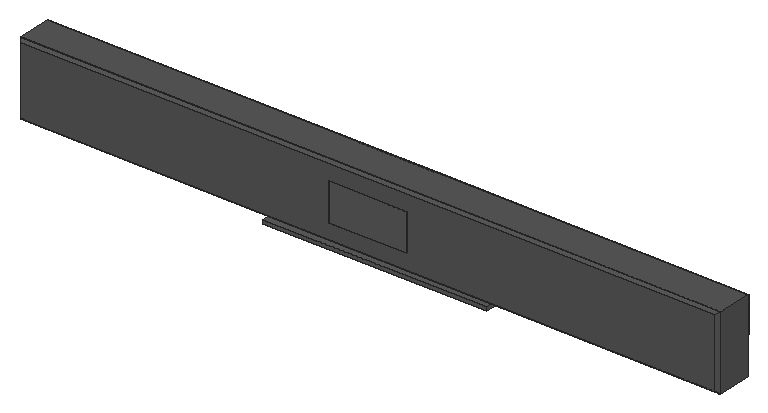
Revit family "Electronics_Conferencing-Bars_Biamp_Parle_Audio_ABC-2500a", category Communication Devices, host Face, Revit 2020
Family settings
  Host = Face
  Maintain Annotation Orientation = No
  Round Connector Dimension = Use Diameter
  Part Type = Normal
  OmniClass Number = 23.85.10.11.14
  OmniClass Title = Audio Equipment
  Cut with Voids When Loaded = No
  Shared = No
  Room Calculation Point = No
Parameters (values of type "Parlé™ ABC 2500a")
  Width = 939.80 mm  # constant formula
  Weight = 9.60 lbf  # constant formula
  Wall Installation [instance] = no
  Voltage = 0 V
  Version = 1
  USB 3.0 = "1x Type C"  # constant formula
  URL = "https://www.biamp.com/"
  Transducers = "2x 2.5 in (60 mm) full range"  # constant formula
  Temperature Range = "32 - 104° F (0 - 40° C)"  # constant formula
  Table Installation [instance] = not(Wall Installation)  # yes
  THD = "< 0.2%"  # constant formula
  Sampling Rate = "48 kHz"  # constant formula
  SNR = "69 dB"  # constant formula
  Rated Maximum SPL = "90 dB (continuous)"  # constant formula
  Product data url = "https://www.bimobject.com/biamp/product/abc-2500a_conferencing-bar"
  Product Page URL = "https://www.biamp.com/products/product-families/parle/conferencing-bars#abc-2500a"
  Product Documentation Link = "https://downloads.biamp.com/assets/docs/default-source/data-sheets/parle_abc_2500a_biamp_data_sheet_may23.pdf"
  Power Factor = 1
  Polar Pattern = "Active Beamformed"  # constant formula
  Pickup Range = "> 23 feet (7 m)"  # constant formula
  Number of Poles = 1
  Nominal Impedance = "4 ohm"  # constant formula
  Nominal Beamwidth = "180° x 180°"  # constant formula
  Noise Reduction = "AI filter"  # constant formula
  Model = "Parlé™ ABC 2500a"  # constant formula
  Microphone Technology = "27-Element Digital Array"  # constant formula
  Microphone Sensitivity = "> -37dBFS ± 1dB"  # constant formula
  Microphone Indicators = "Mute Indicator (Green/Red/Off LEDs)"  # constant formula
  Microphone Data Rate Output = "48 kHz"  # constant formula
  Maximum SPL = "130 dB"  # constant formula
  Max Power Consumption = 60 W
  Manufacturer = "Biamp"  # constant formula
  Loudspeakers Sensitivity = "84 dB\r"  # constant formula
  Loudspeakers Frequency Response = "-10 dB\r"  # constant formula
  Microphone Frequency Response = "-10dB"  # constant formula
  Humidity = "0-90% relative humidity (non-condensing)"  # constant formula
  Housing Material = Biamp - Plastic - Black
  Height = 99.06 mm  # constant formula
  Description = "Parlé™ ABC 2500 Conferencing Audio Bar"  # constant formula
  Depth = 63.50 mm  # constant formula
  Default Elevation = 1219.20 mm
  Date Updated = ""
  Date Created = "2023/08/21"
  Connector Description = "USB-C"  # constant formula
  Compliance = "FCC Part 15B (USA) CE Marked (Europe) UL and C-UL listed (USA and Canada) RoHS Directive (Europe)"  # constant formula
  Audio Processing = "AEC (Acoustic Echo Cancellation)"  # constant formula
  Assembly Code = ""
  Apparent Load = Max Power Consumption / Power Factor  # 60 VA
  Angle [instance] = if(Wall Installation, 90.00°, 0.00°)  # 0.00°
  Altitude = "0-10,000 ft (0-3000m) MSL"  # constant formula
Reference planes
  plane 1 "Center (Front/Back)": y = 0
  plane 2: z = 0
  plane 3 "Center (Left/Right)": x = 0
  plane 4: z = 16.669
Lines and regions (mm)
  reference lines
    curve 1: line (0, 0, 16.669) -> (0, -152.4, 16.669)
Dimensions and locks
  "Angle": angle plane 4 to curve 1
  aligned and locked: plane 2 to host face
  aligned and locked: level to host face
  aligned and locked: plane 1 "Center (Front/Back)" to curve 1
  aligned and locked: plane 4 to curve 1
Automatic sketch dimensions
  host sketch curve to host sketch curve = 2438.40 mm  (x2)
Nested families
  nested 1: "Biamp_Parle_ABC_Table Installation" at (-0.145, -17.264, 0), visible <- "Table Installation", type "Biamp_Parle_ABC_Table Installation"
  nested 2: "Biamp_Parle_ABC_Wall Installation" at (-0.397, 49.521, 0), visible <- "Wall Installation", type "Biamp_Parle_ABC_Wall Installation"
  nested 3: "Audio_Biamp_Parle_ABC" at (0, -31.75, 16.669), type "ABC AC"
Connectors
  electrical at (51.638, -6.441, 78.171), driven by "Number of Poles", driven by "Voltage", driven by "Apparent Load", driven by "Power Factor", driven by "Connector Description"
    settings: on nested 3, index 2, voltage 0 V, apparent load 0 VA, apparent load phase1 60 VA, apparent load phase2 0 VA, apparent load phase3 0 VA, power factor 1, load classification "Other", number of poles 1, system type 31, power factor state 1, is connector primary yes, connector utility no, sub classification motor no, connector description "USB-C"
  electrical at (51.638, -6.441, 47.79), driven by "Power Factor", driven by "Apparent Load", driven by "Number of Poles"
    settings: on nested 3, index 3, voltage 120 V, apparent load 56.88 VA, apparent load phase1 60 VA, apparent load phase2 0 VA, apparent load phase3 0 VA, power factor 1, load classification "Other", number of poles 1, system type 31, power factor state 1, is connector primary no, connector utility no, sub classification motor no, connector description "100-240VAC 50/60Hz"
  electrical at (51.638, -6.441, 63.665)
    settings: on nested 3, index 4, voltage 0 V, apparent load 0 VA, apparent load phase1 0 VA, apparent load phase2 0 VA, apparent load phase3 0 VA, power factor 1, load classification "Other", number of poles 1, system type 5, power factor state 1, is connector primary no, connector utility no, sub classification motor no, connector description "ALS 3.5mm Port"
Definition of nested family "Biamp_Parle_ABC_Table Installation"
  Parameters (values of type "Biamp_Parle_ABC_Table Installation")
    Width = 300.038 mm
    Height = 0.00 mm
    Depth = 67.866 mm
    Default Elevation = 1219.20 mm
    Case Material = none
  Reference planes
    plane 1 "Center (Front/Back)": y = 0
    plane 2: z = 0
    plane 3 "Center (Left/Right)": x = 0
    plane 4: y = 33.933
    plane 5: y = -33.933
    plane 6: x = 150.019
    plane 7: x = -150.019
  Forms (mm)
    Extrusion 1, solid
      sketch origin (0, 0, 0) x (1, 0, 0) y (0, 1, 0)
        loop
          line (-1219.2, 1219.2) -> (-1219.2, -1219.2) -> (1219.2, -1219.2) -> (1219.2, 1219.2) -> (-1219.2, 1219.2)
      from 0 to -304.8
    Extrusion 2, void
      sketch origin (0, 30.758, 78.184) x (0, 0, -1) y (1, 0, 0)
        loop
          circle (12.008, 73.025) r 3.357
        loop
          circle (38.201, 73.025) r 3.357
        loop
          circle (12.008, -73.025) r 3.357
        loop
          circle (38.201, -73.025) r 3.357
      from -3.175 to 0
    Extrusion 3, solid, material <- "Case Material", detail levels coarse
      sketch origin (0, 0, 0) x (0, 1, 0) y (0, 0, 1)
        loop
          line (33.933, 0) -> (33.933, 78.184) -> (30.758, 78.184) -> (30.758, 5.159) -> (-33.933, 5.159) -> (-33.933, 0) -> (33.933, 0)
      from -150.019 to 150.019
    Extrusion 4, solid, material <- "Case Material", detail levels medium+fine
      sketch origin (0, 0, 0) x (0, 1, 0) y (0, 0, 1)
        loop
          line (33.933, 0) -> (33.933, 78.184) -> (30.758, 78.184) -> (30.758, 5.159) -> (-33.933, 5.159) -> (-33.933, 0) -> (33.933, 0)
      from -150.019 to 150.019
    Extrusion 5, void
      sketch origin (0, 0, 0) x (1, 0, 0) y (0, 0, 1)
        loop
          line (60.722, 21.034) -> (60.722, 78.184) -> (-60.722, 78.184) -> (-60.722, 21.034) -> (-25.003, 21.034) -> (-25.003, 0) -> (25.003, 0) -> (25.003, 21.034) -> (60.722, 21.034)
      from -80.031 to -24.011
    Extrusion 6, void
      sketch origin (0, 0, 0) x (1, 0, 0) y (0, 0, 1)
        loop
          line (-110.728, 78.184) -> (-150.019, 78.184) -> (-150.019, -2.78) -> (-110.728, -2.78) -> (-110.728, 78.184)
        loop
          line (150.019, 78.184) -> (110.728, 78.184) -> (110.728, 0) -> (150.019, 0) -> (150.019, 78.184)
      from -33.933 to -14.089
  Cuts and joins
    Extrusion 2, Extrusion 5, Extrusion 6 cuts Extrusion 4
  Lines and regions (mm)
    Masking region 1, detail levels medium+fine
      outline origin (0, 0, 0) x (1, 0, 0) y (0, 1, 0)
        loop
          line (-150.019, -33.933) -> (150.019, -33.933) -> (150.019, 14.089) -> (110.728, 14.089) -> (110.728, 33.933) -> (25.003, 33.933) -> (25.003, 24.011) -> (-25.003, 24.011) -> (-25.003, 33.933) -> (-110.728, 33.933) -> (-110.728, 14.089) -> (-150.019, 14.089) -> (-150.019, -33.933)
    Masking region 2, detail levels coarse
      outline origin (0, 0, 0) x (1, 0, 0) y (0, 1, 0)
        loop
          line (-150.019, -33.933) -> (150.019, -33.933) -> (150.019, 33.933) -> (-150.019, 33.933) -> (-150.019, -33.933)
    symbolic lines, detail levels medium+fine
      curve 1: line (-110.728, 30.758, 0) -> (-25.003, 30.758, 0)
      curve 2: line (25.003, 30.758, 0) -> (110.728, 30.758, 0)
      curve 3: line (60.722, 33.933, 0) -> (60.722, 30.758, 0)
      curve 4: line (-60.722, 33.933, 0) -> (-60.722, 30.758, 0)
    symbolic lines, detail levels coarse
      curve 5: line (-150.019, 30.758, 0) -> (150.019, 30.758, 0)
  Dimensions and locks
    equal spacing: plane 7, plane 3 "Center (Left/Right)", plane 6
    "Depth": plane 4 to plane 5
    "Width": plane 7 to plane 6
    equal spacing: plane 4, plane 1 "Center (Front/Back)", plane 5
    aligned and locked: plane 2 to Extrusion 1
    aligned and locked: level to Extrusion 1
    aligned and locked: plane 7 to Extrusion 3
    aligned and locked: Extrusion 3 to plane 6
  Automatic sketch dimensions
    Extrusion 1 sketch curve to Extrusion 1 sketch curve = 2438.40 mm  (x2)
    Extrusion 3 sketch curve to level = 0.00 mm
    Extrusion 3 sketch curve to plane 5 = 0.00 mm
    Extrusion 3 sketch curve to plane 4 = 0.00 mm
    Extrusion 3 sketch curve to plane 4 = 3.175 mm
    level to Extrusion 3 sketch curve = 5.159 mm
    Extrusion 3 sketch curve to Extrusion 3 sketch curve = 73.025 mm
    Extrusion 4 sketch curve to level = 0.00 mm
    Extrusion 4 sketch curve to plane 5 = 0.00 mm
    Extrusion 4 sketch curve to plane 4 = 0.00 mm
    Extrusion 4 sketch curve to plane 4 = 3.175 mm
    level to Extrusion 4 sketch curve = 5.159 mm
    Extrusion 4 sketch curve to Extrusion 4 sketch curve = 73.025 mm
    Extrusion 5 sketch curve to level = 0.00 mm
    Extrusion 5 sketch curve to plane 3 "Center (Left/Right)" = 60.722 mm
    Extrusion 5 sketch curve to plane 3 "Center (Left/Right)" = 25.003 mm
    plane 3 "Center (Left/Right)" to Extrusion 5 sketch curve = 25.003 mm
    plane 3 "Center (Left/Right)" to Extrusion 5 sketch curve = 60.722 mm
    Extrusion 5 sketch curve to Extrusion 5 sketch curve = 21.034 mm
    level to Extrusion 5 sketch curve = 21.034 mm
    Extrusion 5 sketch curve to Extrusion 5 sketch curve = 57.15 mm
    plane 7 to Extrusion 6 sketch curve = 0.00 mm
    plane 6 to Extrusion 6 sketch curve = 0.00 mm
    Extrusion 6 sketch curve to level = 2.78 mm
    Extrusion 6 sketch curve to plane 7 = 39.291 mm
    level to Extrusion 6 sketch curve = 0.00 mm
    plane 6 to Extrusion 6 sketch curve = 39.291 mm
    Extrusion 6 sketch curve to Extrusion 6 sketch curve = 78.184 mm
    Extrusion 6 sketch curve to Extrusion 6 sketch curve = 80.964 mm
    Extrusion 2 sketch curve to Extrusion 2 sketch curve = 26.194 mm  (x2)
    Extrusion 2 sketch curve to Extrusion 2 sketch curve = 0.00 mm  (x2)
    level to Extrusion 2 sketch curve = 66.177 mm  (x2)
    Extrusion 2 sketch curve to plane 3 "Center (Left/Right)" = 73.025 mm
    plane 3 "Center (Left/Right)" to Extrusion 2 sketch curve = 73.025 mm
    Masking region 1 sketch curve to plane 7 = 0.00 mm
    Masking region 1 sketch curve to plane 5 = 0.00 mm
    Masking region 1 sketch curve to plane 4 = 0.00 mm  (x2)
    Masking region 1 sketch curve to plane 6 = 0.00 mm
    Masking region 1 sketch curve to plane 1 "Center (Front/Back)" = 14.089 mm  (x2)
    Masking region 1 sketch curve to plane 7 = 39.291 mm
    Masking region 1 sketch curve to plane 4 = 9.922 mm
    Masking region 1 sketch curve to plane 3 "Center (Left/Right)" = 25.003 mm
    plane 3 "Center (Left/Right)" to Masking region 1 sketch curve = 25.003 mm
    plane 6 to Masking region 1 sketch curve = 39.291 mm
    Masking region 2 sketch curve to plane 4 = 0.00 mm
    Masking region 2 sketch curve to plane 7 = 0.00 mm
    Masking region 2 sketch curve to plane 6 = 0.00 mm
    Masking region 2 sketch curve to plane 5 = 0.00 mm
    curve 5 to plane 7 = 0.00 mm
    curve 4 to plane 4 = 0.00 mm
    curve 3 to plane 4 = 0.00 mm
    curve 5 to plane 6 = 0.00 mm
    curve 1 to plane 4 = 3.175 mm
    curve 5 to curve 1 = 39.291 mm
    curve 1 to curve 4 = 50.006 mm
    curve 1 to plane 3 "Center (Left/Right)" = 25.003 mm
    curve 2 to plane 4 = 3.175 mm
    plane 3 "Center (Left/Right)" to curve 2 = 25.003 mm
    curve 2 to curve 3 = 35.719 mm
    plane 6 to curve 2 = 39.291 mm
    curve 5 to plane 4 = 3.175 mm
    radius of Extrusion 2 sketch curve = 3.357 mm  (x4)
Definition of nested family "Biamp_Parle_ABC_Wall Installation"
  Parameters (values of type "Biamp_Parle_ABC_Wall Installation")
    Width = 214.884 mm
    Height = 3.175 mm
    Depth = 69.85 mm
    Default Elevation = 1219.20 mm
    Case Material = none
  Reference planes
    plane 1 "Center (Front/Back)": y = 0
    plane 2: z = 0
    plane 3 "Center (Left/Right)": x = 0
    plane 4: y = 34.925
    plane 5: y = -34.925
    plane 6: x = 107.442
    plane 7: x = -107.442
    plane 8: z = 3.175
  Forms (mm)
    Extrusion 1, solid
      sketch origin (0, 0, 0) x (1, 0, 0) y (0, 1, 0)
        loop
          line (-1219.2, 1219.2) -> (-1219.2, -1219.2) -> (1219.2, -1219.2) -> (1219.2, 1219.2) -> (-1219.2, 1219.2)
      from 0 to -304.8
    Extrusion 2, solid, material <- "Case Material", detail levels medium+fine
      sketch origin (0, 0, 0) x (1, 0, 0) y (0, 1, 0)
        loop
          line (-107.442, 34.925) -> (-107.442, -34.925) -> (107.442, -34.925) -> (107.442, 34.925) -> (-107.442, 34.925)
        loop
          line (-24.098, 11.112) -> (-24.098, -11.113) -> (24.098, -11.113) -> (24.098, 11.112) -> (-24.098, 11.112)
        loop
          circle (-49.911, 19.939) r 2.584
        loop
          circle (-49.911, -19.939) r 2.584
        loop
          circle (49.911, 19.939) r 2.584
        loop
          circle (49.911, -19.939) r 2.584
        loop
          circle (97.425, 22.523) r 1.42
        loop
          circle (97.425, -22.523) r 1.42
        loop
          circle (-97.425, 22.523) r 1.42
        loop
          circle (-97.425, -22.523) r 1.42
        loop
          circle (72.983, 0.794) r 1.42
        loop
          circle (86.897, -1.687) r 2.097
        loop
          circle (72.983, -25.4) r 1.42
        loop
          circle (-72.983, 0.794) r 1.42
        loop
          circle (-86.897, -1.687) r 2.097
        loop
          circle (-72.983, -25.4) r 1.42
      from 0 to 3.175
    Extrusion 3, solid, material <- "Case Material", detail levels coarse
      sketch origin (0, 0, 0) x (1, 0, 0) y (0, 1, 0)
        loop
          line (-107.442, 34.925) -> (-107.442, -34.925) -> (107.442, -34.925) -> (107.442, 34.925) -> (-107.442, 34.925)
      from 0 to 3.175
  Lines and regions (mm)
    Masking region 1
      outline origin (0, 0, 0) x (1, 0, 0) y (0, 0, 1)
        loop
          line (-107.442, 3.175) -> (-107.442, 0) -> (107.442, 0) -> (107.442, 3.175) -> (-107.442, 3.175)
  Dimensions and locks
    equal spacing: plane 7, plane 3 "Center (Left/Right)", plane 6
    "Depth": plane 4 to plane 5
    "Width": plane 7 to plane 6
    equal spacing: plane 4, plane 1 "Center (Front/Back)", plane 5
    "Height": level to plane 8
    aligned and locked: plane 2 to Extrusion 1
    aligned and locked: level to Extrusion 1
  Automatic sketch dimensions
    Extrusion 1 sketch curve to Extrusion 1 sketch curve = 2438.40 mm  (x2)
    Extrusion 3 sketch curve to plane 5 = 0.00 mm
    Extrusion 3 sketch curve to plane 7 = 0.00 mm
    Extrusion 3 sketch curve to plane 6 = 0.00 mm
    Extrusion 3 sketch curve to plane 4 = 0.00 mm
    Extrusion 2 sketch curve to Extrusion 2 sketch curve = 0.00 mm  (x13)
    Extrusion 2 sketch curve to plane 5 = 0.00 mm
    Extrusion 2 sketch curve to plane 7 = 0.00 mm
    Extrusion 2 sketch curve to plane 6 = 0.00 mm
    Extrusion 2 sketch curve to plane 4 = 0.00 mm
    Extrusion 2 sketch curve to plane 7 = 10.017 mm  (x2)
    plane 1 "Center (Front/Back)" to Extrusion 2 sketch curve = 1.687 mm  (x2)
    Extrusion 2 sketch curve to plane 7 = 20.545 mm
    Extrusion 2 sketch curve to plane 1 "Center (Front/Back)" = 0.794 mm  (x2)
    Extrusion 2 sketch curve to Extrusion 2 sketch curve = 13.913 mm  (x2)
    plane 5 to Extrusion 2 sketch curve = 9.525 mm  (x2)
    Extrusion 2 sketch curve to Extrusion 2 sketch curve = 24.441 mm
    Extrusion 2 sketch curve to Extrusion 2 sketch curve = 23.072 mm  (x3)
    Extrusion 2 sketch curve to plane 4 = 14.986 mm  (x2)
    plane 1 "Center (Front/Back)" to Extrusion 2 sketch curve = 11.113 mm
    Extrusion 2 sketch curve to plane 3 "Center (Left/Right)" = 24.098 mm
    Extrusion 2 sketch curve to plane 1 "Center (Front/Back)" = 11.113 mm
    plane 3 "Center (Left/Right)" to Extrusion 2 sketch curve = 24.098 mm
    Extrusion 2 sketch curve to Extrusion 2 sketch curve = 25.813 mm  (x2)
    plane 6 to Extrusion 2 sketch curve = 10.017 mm  (x2)
    plane 5 to Extrusion 2 sketch curve = 12.402 mm  (x2)
    plane 5 to Extrusion 2 sketch curve = 14.986 mm  (x2)
    Extrusion 2 sketch curve to plane 4 = 12.402 mm  (x2)
    Extrusion 2 sketch curve to Extrusion 2 sketch curve = 2.097 mm  (x2)
    Extrusion 2 sketch curve to Extrusion 2 sketch curve = 1.42 mm  (x4)
    Masking region 1 sketch curve to level = 0.00 mm
    plane 7 to Masking region 1 sketch curve = 0.00 mm
    plane 6 to Masking region 1 sketch curve = 0.00 mm
    Masking region 1 sketch curve to plane 8 = 0.00 mm
    radius of Extrusion 2 sketch curve = 2.584 mm  (x4)
    radius of Extrusion 2 sketch curve = 1.42 mm  (x4)
Definition of nested family "Audio_Biamp_Parle_ABC"
  Parameters (values of type "ABC AC")
    Width = 939.80 mm
    URL = "https://www.biamp.com/"
    Model = "ABC"
    Manufacturer = "Biamp"
    Height = 99.06 mm
    Description = "Parlé™ ABC 2500"
    Depth = 63.50 mm
    Default Elevation = 1219.20 mm
    Case Material = none
  Reference planes
    plane 1 "Center (Front/Back)": y = 0
    plane 2: z = 0
    plane 3 "Center (Left/Right)": x = 0
    plane 4: y = 31.75
    plane 5: y = -31.75
    plane 6: x = 469.9
    plane 7: x = -469.9
    plane 8: z = 99.06
  Forms (mm)
    Extrusion 1, solid, material <- "Case Material", detail levels medium+fine
      sketch origin (0, 0, 0) x (0, 1, 0) y (0, 0, 1)
        loop
          line (31.75, 86.36) -> (19.447, 99.06) -> (19.447, 98.12) -> (31.172, 86.017) -> (31.172, 13.043) -> (19.447, 0.94) -> (19.447, 0) -> (31.75, 12.7) -> (31.75, 86.36)
      from -51.991 to 51.991
    Extrusion 2, void
      sketch origin (0, 0, 0) x (0, 1, 0) y (0, 0, 1)
        loop
          line (31.75, 86.36) -> (19.447, 99.06) -> (19.447, 0) -> (31.75, 12.7) -> (31.75, 86.36)
      from -51.991 to 51.991
    Extrusion 3, solid, material <- "Case Material", detail levels medium+fine
      sketch origin (0, 0, -15.875) x (0, 1, 0) y (0, 0, 1)
        loop
          line (22.907, 19.447) -> (31.75, 19.447) -> (31.75, 28.575) -> (22.907, 19.447)
      from -438.913 to 438.624
    Extrusion 4, solid, detail levels medium+fine
      sketch origin (0, 0, -15.875) x (0, 1, 0) y (0, 0, 1)
        loop
          line (24.619, 19.447) -> (23.623, 19.447)
          arc (23.623, 19.447) -> (28.183, 14.887) -> (32.743, 19.447) r 4.56
          line (32.743, 19.447) -> (45.244, 24.121) -> (45.244, 75.318) -> (43.259, 75.318) -> (43.259, 25.511) -> (31.368, 21.117)
          arc (31.368, 21.117) -> (29.06, 15.971) -> (24.619, 19.447) r 3.581
      from -105.569 to 105.569
    Extrusion 5, void
      sketch origin (0, 0, -15.875) x (1, 0, 0) y (0, 0, 1)
        loop
          line (65.088, 75.318) -> (-65.087, 75.318) -> (-65.087, 30.471) -> (-83.741, 30.471) -> (-83.741, 14.596) -> (83.741, 14.596) -> (83.741, 30.471) -> (65.088, 30.471) -> (65.088, 75.318)
      from -45.244 to -23.273
    Extrusion 6, void
      sketch origin (0, 45.244, 8.246) x (0, 0, -1) y (1, 0, 0)
        loop
          circle (-42.069, -73.025) r 1.191
        loop
          circle (-28.972, -73.025) r 1.588
        loop
          circle (-15.875, -73.025) r 1.191
        loop
          circle (-15.875, -94.059) r 1.588
        loop
          arc (-34.445, -90.819) -> (-24.995, -86.954) -> (-34.297, -82.746) r 5.558
          arc (-34.297, -82.746) -> (-35.602, -84.027) -> (-37.369, -84.495) r 3.572
          line (-37.369, -84.495) -> (-40.077, -84.495)
          arc (-40.077, -84.495) -> (-42.466, -86.905) -> (-40.097, -89.298) r 2.383
          line (-40.097, -89.298) -> (-37.369, -89.298)
          arc (-37.369, -89.298) -> (-35.721, -89.701) -> (-34.445, -90.819) r 3.572
        loop
          circle (-42.069, 73.025) r 1.191
        loop
          circle (-28.972, 73.025) r 1.588
        loop
          circle (-15.875, 73.025) r 1.191
        loop
          circle (-15.875, 94.059) r 1.588
        loop
          arc (-34.445, 90.819) -> (-35.721, 89.701) -> (-37.369, 89.298) r 3.572
          line (-37.369, 89.298) -> (-40.097, 89.298)
          arc (-40.097, 89.298) -> (-42.466, 86.905) -> (-40.077, 84.495) r 2.383
          line (-40.077, 84.495) -> (-37.369, 84.495)
          arc (-37.369, 84.495) -> (-35.602, 84.027) -> (-34.297, 82.746) r 3.572
          arc (-34.297, 82.746) -> (-24.995, 86.954) -> (-34.445, 90.819) r 5.558
      from 0 to 1.984
    Extrusion 7, solid, material <- "Case Material", detail levels medium+fine
      sketch origin (0, 0, 0) x (1, 0, 0) y (0, 0, 1)
        loop
          line (-469.9, 99.06) -> (-469.9, 0) -> (469.9, 0) -> (469.9, 99.06) -> (-469.9, 99.06)
      from -19.447 to 27.384
    Blend 8, solid, detail levels medium+fine
      base sketch origin (0, 0, 0) x (1, 0, 0) y (0, 0, 1)
        loop
          line (-469.9, 99.06) -> (-469.9, 0) -> (469.9, 0) -> (469.9, 99.06) -> (-469.9, 99.06)
      top sketch origin (0, 0, 0) x (1, 0, 0) y (0, 0, 1)
        loop
          line (-466.328, 95.488) -> (-466.328, 3.572) -> (466.328, 3.572) -> (466.328, 95.488) -> (-466.328, 95.488)
      from 27.384 to 31.75
    Blend 9, solid, material <- "Case Material", detail levels medium+fine
      base sketch origin (0, 0, 0) x (1, 0, 0) y (0, 0, -1)
        loop
          line (-469.9, -99.06) -> (469.9, -99.06) -> (469.9, 0) -> (-469.9, 0) -> (-469.9, -99.06)
      top sketch origin (0, 0, 0) x (1, 0, 0) y (0, 0, -1)
        loop
          line (457.2, -86.36) -> (457.2, -12.7) -> (-457.2, -12.7) -> (-457.2, -86.36) -> (457.2, -86.36)
      from 19.447 to 31.75
    Extrusion 10, solid, detail levels medium+fine
      sketch origin (0, -31.75, 0) x (1, 0, 0) y (0, 0, 1)
        loop
          line (-51.991, 24.448) -> (51.991, 24.448) -> (51.991, 74.454) -> (-51.991, 74.454) -> (-51.991, 24.448)
      from -4.366 to 0
    Extrusion 11, void
      sketch origin (0, -31.75, 0) x (-1, 0, 0) y (0, 0, 1)
        loop
          line (51.991, 74.454) -> (-51.991, 74.454) -> (-51.991, 24.448) -> (51.991, 24.448) -> (51.991, 74.454)
      from 0 to 4.366
    Extrusion 12, solid, material <- "Case Material", detail levels coarse
      sketch origin (0, 0, 0) x (1, 0, 0) y (0, 0, 1)
        loop
          line (-469.9, 99.06) -> (-469.9, 0) -> (469.9, 0) -> (469.9, 99.06) -> (-469.9, 99.06)
      from -31.75 to 31.75
    Extrusion 13, solid, detail levels coarse
      sketch origin (-105.569, 0, -15.875) x (0, -1, 0) y (0, 0, 1)
        loop
          line (-43.259, 75.318) -> (-45.244, 75.318) -> (-45.244, 15.875) -> (-31.75, 15.875) -> (-31.75, 17.859) -> (-43.259, 17.859) -> (-43.259, 75.318)
      from -211.138 to 0
    Extrusion 14, solid
      sketch origin (0, 0, 0) x (0, 1, 0) y (0, 0, 1)
        loop
          line (22.134, 64.677) -> (22.134, 58.327) -> (28.484, 58.327) -> (28.484, 64.677) -> (22.134, 64.677)
        loop
          line (23.732, 34.297) -> (23.732, 27.947) -> (26.886, 27.947) -> (26.886, 34.297) -> (23.732, 34.297)
        loop
          circle (25.309, 46.997) r 2.279
      from 51.638 to 52.771
  Cuts and joins
    Extrusion 11 cuts Blend 8
    Extrusion 5, Extrusion 6 cuts Extrusion 4
    Extrusion 2 cuts Blend 9
  Lines and regions (mm)
    Masking region 1, detail levels medium+fine
      outline origin (0, 0, 0) x (1, 0, 0) y (0, 1, 0)
        loop
          line (-469.9, -27.384) -> (-466.328, -31.75) -> (466.328, -31.75) -> (469.9, -27.384) -> (469.9, 19.447) -> (457.168, 31.781) -> (105.569, 31.781) -> (105.569, 45.244) -> (65.088, 45.244) -> (65.088, 43.259) -> (83.741, 43.259) -> (83.741, 31.781) -> (-83.741, 31.781) -> (-83.741, 43.259) -> (-65.087, 43.259) -> (-65.087, 45.244) -> (-105.569, 45.244) -> (-105.569, 31.75) -> (-457.2, 31.75) -> (-469.9, 19.447) -> (-469.9, -27.384)
    Masking region 2, detail levels coarse
      outline origin (0, 0, 0) x (1, 0, 0) y (0, 1, 0)
        loop
          line (-469.9, -31.75) -> (469.9, -31.75) -> (469.9, 31.75) -> (105.569, 31.75) -> (105.569, 45.244) -> (-105.569, 45.244) -> (-105.569, 31.75) -> (-469.9, 31.75) -> (-469.9, -31.75)
    symbolic lines, detail levels medium+fine
      curve 1: line (-469.9, 19.447, 0) -> (469.9, 19.447, 0)
      curve 2: line (457.2, 31.75, 0) -> (-457.2, 31.75, 0)
      curve 3: line (-105.569, 43.259, 0) -> (-65.087, 43.259, 0)
      curve 4: line (-51.991, 31.75, 0) -> (-51.991, 19.447, 0)
      curve 5: line (51.991, 31.75, 0) -> (51.991, 19.447, 0)
      curve 6: line (65.088, 43.259, 0) -> (105.569, 43.259, 0)
      curve 7: line (-469.9, -27.384, 0) -> (469.9, -27.384, 0)
    symbolic lines, detail levels coarse
      curve 8: line (-105.569, 43.259, 0) -> (105.569, 43.259, 0)
      curve 9: line (-469.9, 31.75, 0) -> (469.9, 31.75, 0)
  Dimensions and locks
    equal spacing: plane 4, plane 1 "Center (Front/Back)", plane 5
    equal spacing: plane 7, plane 3 "Center (Left/Right)", plane 6
    "Width": plane 7 to plane 6
    "Depth": plane 4 to plane 5
    "Height": plane 8 to level
    aligned and locked: plane 2 to level
    aligned and locked: plane 4 to Extrusion 12
    aligned and locked: plane 4 to cut or joined group of Extrusion 2, Blend 9
  Automatic sketch dimensions
    Extrusion 1 sketch curve to plane 4 = 0.00 mm
    Extrusion 1 sketch curve to plane 4 = 0.578 mm
    Extrusion 1 sketch curve to plane 4 = 12.303 mm  (x2)
    level to Extrusion 1 sketch curve = 0.00 mm
    Extrusion 1 sketch curve to Extrusion 1 sketch curve = 0.94 mm  (x2)
    Extrusion 1 sketch curve to Extrusion 1 sketch curve = 11.76 mm
    Extrusion 1 sketch curve to Extrusion 1 sketch curve = 0.343 mm  (x2)
    Extrusion 1 sketch curve to plane 8 = 13.043 mm
    Extrusion 1 sketch curve to plane 8 = 0.94 mm
    Extrusion 2 sketch curve to plane 4 = 0.00 mm
    Extrusion 2 sketch curve to plane 4 = 12.303 mm
    level to Extrusion 2 sketch curve = 0.00 mm
    Extrusion 2 sketch curve to Extrusion 2 sketch curve = 12.70 mm
    Extrusion 2 sketch curve to plane 8 = 12.70 mm
    plane 8 to Extrusion 2 sketch curve = 0.00 mm
    Extrusion 3 sketch curve to plane 4 = 0.00 mm
    Extrusion 3 sketch curve to plane 4 = 8.843 mm
    level to Extrusion 3 sketch curve = 3.572 mm
    Extrusion 3 sketch curve to Extrusion 3 sketch curve = 9.128 mm
    Extrusion 4 sketch curve to plane 4 = 8.127 mm
    Extrusion 4 sketch curve to Extrusion 4 sketch curve = 0.996 mm
    Extrusion 4 sketch curve to Extrusion 4 sketch curve = 3.564 mm
    Extrusion 4 sketch curve to Extrusion 4 sketch curve = 0.017 mm
    Extrusion 4 sketch curve to plane 4 = 0.382 mm
    plane 4 to Extrusion 4 sketch curve = 11.509 mm
    Extrusion 4 sketch curve to Extrusion 4 sketch curve = 1.984 mm
    level to Extrusion 4 sketch curve = 3.572 mm
    Extrusion 4 sketch curve to Extrusion 4 sketch curve = 4.674 mm
    Extrusion 4 sketch curve to Extrusion 4 sketch curve = 1.389 mm
    Extrusion 4 sketch curve to plane 8 = 39.617 mm
    level to Extrusion 5 sketch curve = 14.596 mm  (x2)
    Extrusion 5 sketch curve to plane 3 "Center (Left/Right)" = 83.741 mm
    Extrusion 5 sketch curve to Extrusion 5 sketch curve = 18.653 mm  (x2)
    plane 3 "Center (Left/Right)" to Extrusion 5 sketch curve = 65.088 mm
    Extrusion 5 sketch curve to level = 1.279 mm
    Extrusion 5 sketch curve to plane 8 = 39.617 mm
    Extrusion 4 to Extrusion 6 sketch curve = 9.128 mm  (x2)
    Extrusion 4 to Extrusion 6 sketch curve = 11.099 mm  (x2)
    Extrusion 6 sketch curve to Extrusion 6 sketch curve = 0.015 mm  (x2)
    Extrusion 6 sketch curve to Extrusion 6 sketch curve = 2.728 mm  (x2)
    Extrusion 6 sketch curve to Extrusion 6 sketch curve = 2.714 mm  (x2)
    Extrusion 6 sketch curve to Extrusion 6 sketch curve = 6.817 mm  (x2)
    Extrusion 6 sketch curve to Extrusion 6 sketch curve = 8.397 mm  (x2)
    Extrusion 6 sketch curve to Extrusion 6 sketch curve = 13.097 mm  (x2)
    Extrusion 6 sketch curve to Extrusion 4 = 15.875 mm  (x2)
    Extrusion 6 sketch curve to Extrusion 4 = 11.509 mm  (x2)
    Extrusion 6 sketch curve to Extrusion 4 = 12.699 mm
    Extrusion 6 sketch curve to Extrusion 6 sketch curve = 3.572 mm  (x4)
    Extrusion 6 sketch curve to Extrusion 6 sketch curve = 2.383 mm  (x2)
    Extrusion 6 sketch curve to Extrusion 6 sketch curve = 2.446 mm
    Extrusion 6 sketch curve to Extrusion 6 sketch curve = 2.421 mm  (x2)
    Extrusion 6 sketch curve to Extrusion 6 sketch curve = 7.898 mm  (x3)
    Extrusion 6 sketch curve to Extrusion 6 sketch curve = 0.00 mm  (x5)
    Extrusion 6 sketch curve to Extrusion 4 = 32.544 mm
    Extrusion 6 sketch curve to Extrusion 6 sketch curve = 2.357 mm
    Extrusion 6 sketch curve to Extrusion 6 sketch curve = 0.006 mm  (x2)
    Extrusion 6 sketch curve to Extrusion 6 sketch curve = 2.924 mm  (x2)
    plane 7 to Extrusion 7 sketch curve = 0.00 mm
    plane 6 to Extrusion 7 sketch curve = 0.00 mm
    level to Extrusion 7 sketch curve = 0.00 mm
    plane 8 to Extrusion 7 sketch curve = 0.00 mm
    plane 7 to Blend 8 sketch curve = 0.00 mm
    plane 6 to Blend 8 sketch curve = 0.00 mm
    level to Blend 8 sketch curve = 0.00 mm
    plane 8 to Blend 8 sketch curve = 0.00 mm
    Blend 8 sketch curve to plane 7 = 3.572 mm
    plane 6 to Blend 8 sketch curve = 3.572 mm
    level to Blend 8 sketch curve = 3.572 mm
    Blend 8 sketch curve to plane 8 = 3.572 mm
    plane 7 to Blend 9 sketch curve = 0.00 mm
    plane 6 to Blend 9 sketch curve = 0.00 mm
    plane 8 to Blend 9 sketch curve = 0.00 mm
    level to Blend 9 sketch curve = 0.00 mm
    Blend 9 sketch curve to plane 8 = 12.70 mm
    Blend 9 sketch curve to plane 7 = 12.70 mm
    plane 6 to Blend 9 sketch curve = 12.70 mm
    level to Blend 9 sketch curve = 12.70 mm
    Extrusion 10 sketch curve to plane 3 "Center (Left/Right)" = 51.991 mm
    Extrusion 10 sketch curve to plane 8 = 24.606 mm
    level to Extrusion 10 sketch curve = 24.448 mm
    Extrusion 11 sketch curve to plane 8 = 24.606 mm
    plane 3 "Center (Left/Right)" to Extrusion 11 sketch curve = 51.991 mm
    Extrusion 11 sketch curve to plane 3 "Center (Left/Right)" = 51.991 mm
    level to Extrusion 11 sketch curve = 24.448 mm
    plane 7 to Extrusion 12 sketch curve = 0.00 mm
    plane 6 to Extrusion 12 sketch curve = 0.00 mm
    level to Extrusion 12 sketch curve = 0.00 mm
    plane 8 to Extrusion 12 sketch curve = 0.00 mm
    plane 3 "Center (Left/Right)" to Extrusion 10 sketch curve = 51.991 mm
    Extrusion 13 sketch curve to Extrusion 4 = 0.00 mm  (x3)
    Extrusion 13 sketch curve to Extrusion 4 = 1.587 mm
    Extrusion 4 to Extrusion 13 sketch curve = 11.509 mm
    Extrusion 13 sketch curve to Extrusion 13 sketch curve = 1.984 mm
    Masking region 1 sketch curve to plane 7 = 0.00 mm
    Masking region 1 sketch curve to plane 5 = 0.00 mm
    Masking region 1 sketch curve to plane 4 = 0.00 mm
    Masking region 1 sketch curve to plane 6 = 0.00 mm
    Masking region 1 sketch curve to plane 7 = 12.70 mm
    plane 4 to Masking region 1 sketch curve = 13.494 mm  (x2)
    Masking region 1 sketch curve to plane 3 "Center (Left/Right)" = 105.569 mm
    Masking region 1 sketch curve to Masking region 1 sketch curve = 21.828 mm  (x2)
    Masking region 1 sketch curve to Masking region 1 sketch curve = 18.653 mm  (x2)
    plane 3 "Center (Left/Right)" to Masking region 1 sketch curve = 65.088 mm
    plane 4 to Masking region 1 sketch curve = 0.031 mm  (x2)
    plane 6 to Masking region 1 sketch curve = 12.732 mm
    plane 6 to Masking region 1 sketch curve = 3.572 mm
    plane 5 to Masking region 1 sketch curve = 4.366 mm  (x2)
    Masking region 1 sketch curve to plane 4 = 12.303 mm  (x2)
    Masking region 1 sketch curve to Masking region 1 sketch curve = 1.984 mm  (x2)
    Masking region 1 sketch curve to plane 7 = 3.572 mm
    Masking region 2 sketch curve to plane 5 = 0.00 mm
    Masking region 2 sketch curve to plane 7 = 0.00 mm
    Masking region 2 sketch curve to plane 4 = 0.00 mm  (x2)
    Masking region 2 sketch curve to plane 6 = 0.00 mm
    plane 4 to Masking region 2 sketch curve = 13.494 mm
    Masking region 2 sketch curve to plane 3 "Center (Left/Right)" = 105.569 mm
    plane 3 "Center (Left/Right)" to Masking region 2 sketch curve = 105.569 mm
    curve 1 to plane 7 = 0.00 mm
    curve 9 to plane 4 = 0.00 mm
    curve 9 to plane 7 = 0.00 mm
    curve 7 to plane 7 = 0.00 mm
    curve 2 to plane 4 = 0.00 mm
    curve 1 to plane 6 = 0.00 mm
    curve 9 to plane 6 = 0.00 mm
    curve 7 to plane 6 = 0.00 mm
    plane 4 to curve 8 = 11.509 mm
    curve 8 to plane 3 "Center (Left/Right)" = 105.569 mm
    plane 3 "Center (Left/Right)" to curve 8 = 105.569 mm
    curve 2 to plane 7 = 12.70 mm
    curve 3 to curve 3 = 40.481 mm
    curve 4 to plane 4 = 12.303 mm
    curve 3 to curve 4 = 13.097 mm
    plane 3 "Center (Left/Right)" to curve 5 = 51.991 mm
    curve 5 to curve 6 = 13.097 mm
    curve 2 to curve 9 = 12.70 mm
    plane 5 to curve 7 = 4.366 mm
    Extrusion 14 sketch curve to plane 4 = 9.616 mm
    Extrusion 14 sketch curve to plane 4 = 8.018 mm
    Extrusion 14 sketch curve to plane 4 = 6.441 mm
    Extrusion 14 sketch curve to Extrusion 14 sketch curve = 3.154 mm
    Extrusion 14 sketch curve to plane 4 = 3.266 mm
    level to Extrusion 14 sketch curve = 27.947 mm
    Extrusion 14 sketch curve to Extrusion 14 sketch curve = 6.35 mm  (x2)
    Extrusion 14 sketch curve to Extrusion 14 sketch curve = 12.70 mm
    Extrusion 14 sketch curve to Extrusion 14 sketch curve = 11.33 mm
    radius of Extrusion 6 sketch curve = 1.191 mm  (x4)
    radius of Extrusion 6 sketch curve = 1.588 mm  (x4)
    radius of Extrusion 14 sketch curve = 2.279 mm
